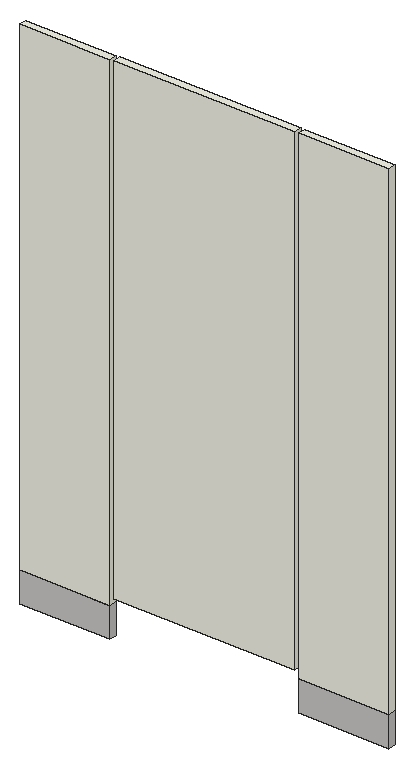
Revit family
Parameters (values of type "B-2081")
  URL = "http://www.bobrick.com"
  Partition Material = Laminated Plastic - Bobrick - Designer White
  Panel Value = if(DoorPanel Width < 1", 1", if(DoorPanel Width > 84", 84", DoorPanel Width))  # 24"
  Model = "B2081 DuraLineSeries Floor-Anchored"
  Manufacturer = "Bobrick Washroom Equipment, Inc."
  Inswing Value = if(DoorPanel Width < 22", 22", if(DoorPanel Width > 37", 37", DoorPanel Width))  # 24"
  DoorPanel Width = 24"
  Right Stile Width = 12"
  Right Stile Visible = yes
  Right Stile Value = if(Right Stile Width < 3", 3", if(Right Stile Width > 24", 24", Right Stile Width))  # 12"
  Panel = not(Door Panel)  # no
  Outswing Value = if(DoorPanel Width < 25", 25", if(DoorPanel Width > 37", 37", DoorPanel Width))  # 25"
  Outswing = and(not(Inswing Visibility), Door Panel)  # no
  Left Stile Width = 12"
  Left Stile Visible = yes
  Left Stile Value = if(Left Stile Width < 3", 3", if(Left Stile Width > 24", 24", Left Stile Width))  # 12"
  Inswing Visibility = and(Inswing, Door Panel)  # yes
  Inswing = yes
  Width Value = if(Inswing Visibility, Inswing Value, if(Outswing, Outswing Value, if(Panel, Panel Value, 36")))  # 24"
  Door Panel = yes
  Description = "Maximum Height Water and Fire-Resistant Partitions and Screens"
  Assembly Code = "C1030200"
  ADA Compliant = yes
Reference planes (in)
  plane 1 "Center (Front/Back)": y = 0
  plane 2: z = 0
  plane 3 "Center (Left/Right)": x = 0
  plane 4: x = -24.5
  plane 5: x = 24.5
  plane 6: y = 0.5
  plane 7: y = -0.5
  plane 8: x = -12.5
  plane 9: x = 12.5
  plane 10: x = -12
  plane 11: x = 12
  plane 12: z = 4
  plane 13: z = 4.9375
  plane 14: z = 69
  plane 15: z = 36.96875
  plane 16: y = 24.5
  plane 17: x = 11
Forms (in)
  Extrusion 1, solid, material "Laminated Plastic - Bobrick - Designer White" <- "Partition Material", visible <- "Left Stile Visible"
    sketch origin (0, 0, 0) x (1, 0, 0) y (0, 1, 0)
      loop
        line (-24.5, 0.5) -> (-24.5, -0.5) -> (-12.5, -0.5) -> (-12.5, 0.5) -> (-24.5, 0.5)
    from 4 to 69
  Extrusion 2, solid, material "Stainless Steel - Bobrick - Satin", visible <- "Left Stile Visible"
    sketch origin (0, 0, 0) x (1, 0, 0) y (0, 1, 0)
      loop
        line (-24.5, 0.5) -> (-24.5, -0.5) -> (-12.5, -0.5) -> (-12.5, 0.5) -> (-24.5, 0.5)
    from 0 to 4
  Extrusion 3, solid, material "Laminated Plastic - Bobrick - Designer White" <- "Partition Material"
    sketch origin (0, 0, 0) x (1, 0, 0) y (0, 1, 0)
      loop
        line (-12, 0.5) -> (-12, -0.5) -> (12, -0.5) -> (12, 0.5) -> (-12, 0.5)
    from 4.9375 to 69
  Extrusion 4, solid, material "Laminated Plastic - Bobrick - Designer White" <- "Partition Material", visible <- "Right Stile Visible"
    sketch origin (0, 0, 0) x (-1, 0, 0) y (0, -1, 0)
      loop
        line (-24.5, -0.5) -> (-12.5, -0.5) -> (-12.5, 0.5) -> (-24.5, 0.5) -> (-24.5, -0.5)
    from 4 to 69
  Extrusion 5, solid, material "Stainless Steel - Bobrick - Satin", visible <- "Right Stile Visible"
    sketch origin (0, 0, 0) x (-1, 0, 0) y (0, -1, 0)
      loop
        line (-24.5, -0.5) -> (-12.5, -0.5) -> (-12.5, 0.5) -> (-24.5, 0.5) -> (-24.5, -0.5)
    from 0 to 4
Lines and regions (in)
  Masking region 1, visible <- "Left Stile Visible"
    outline origin (0, 0, 0) x (1, 0, 0) y (0, 0, 1)
      loop
        line (-24.5, 69) -> (-24.5, 0) -> (-12.5, 0) -> (-12.5, 69) -> (-24.5, 69)
  Masking region 2
    outline origin (0, 0, 0) x (1, 0, 0) y (0, 0, 1)
      loop
        line (-12, 69) -> (-12, 4.9375) -> (12, 4.9375) -> (12, 69) -> (-12, 69)
  Masking region 3, visible <- "Right Stile Visible"
    outline origin (0, 0, 0) x (1, 0, 0) y (0, 0, 1)
      loop
        line (12.5, 69) -> (12.5, 0) -> (24.5, 0) -> (24.5, 69) -> (12.5, 69)
  Masking region 4, visible <- "Door Panel"
    outline origin (0, 0, 0) x (1, 0, 0) y (0, 1, 0)
      loop
        line (11, 24.5) -> (11, 0.5) -> (12, 0.5) -> (12, 24.5) -> (11, 24.5)
  Masking region 5, visible <- "Left Stile Visible"
    outline origin (0, 0, 0) x (1, 0, 0) y (0, 1, 0)
      loop
        line (-24.5, 0.5) -> (-24.5, -0.5) -> (-12.5, -0.5) -> (-12.5, 0.5) -> (-24.5, 0.5)
  Masking region 6, visible <- "Right Stile Visible"
    outline origin (0, 0, 0) x (1, 0, 0) y (0, 1, 0)
      loop
        line (12.5, 0.5) -> (12.5, -0.5) -> (24.5, -0.5) -> (24.5, 0.5) -> (12.5, 0.5)
  Masking region 7, visible <- "Panel"
    outline origin (0, 0, 0) x (1, 0, 0) y (0, 1, 0)
      loop
        line (-12, -0.5) -> (12, -0.5) -> (12, 0.5) -> (-12, 0.5) -> (-12, -0.5)
  Masking region 8
    outline origin (0, 0, 0) x (0, 1, 0) y (0, 0, 1)
      loop
        line (0.5, 69) -> (-0.5, 69) -> (-0.5, 0) -> (0.5, 0) -> (0.5, 69)
  symbolic lines, visible <- "Left Stile Visible"
    curve 1: line (-24.5, 0, 4) -> (-12.5, 0, 4)
  symbolic lines, visible <- "Right Stile Visible"
    curve 2: line (12.5, 0, 4) -> (24.5, 0, 4)
  symbolic lines, style "Partition Elevation Swing", visible <- "Door Panel"
    curve 3: line (-12, 0, 69) -> (12, 0, 36.86666)
    curve 4: line (12, 0, 36.86666) -> (-12, 0, 4.9375)
    curve 5: arc (-12, 0.5, 0) -> (-4.97056, 17.47056, 0) -> (12, 24.5, 0) r 24
  symbolic lines, style "Partition"
    curve 6: line (0, 0.5, 4) -> (0, -0.5, 4)
Dimensions and locks (in)
  equal spacing: host sketch curve, plane 1 "Center (Front/Back)", host sketch curve
  equal spacing: host sketch curve, plane 3 "Center (Left/Right)", host sketch curve
  host sketch curve to host sketch curve = 120"  (x2)
  locked: plane 8 to plane 10 at 0.5
  locked: plane 11 to plane 9 at 0.5
  "Width Value": plane 10 to plane 11
  equal spacing: plane 10, plane 3 "Center (Left/Right)", plane 11
  "Left Stile Value": plane 4 to plane 8
  "Right Stile Value": plane 9 to plane 5
  locked: plane 12 to level at 4
  locked: plane 13 to level at 4.9375
  locked: plane 14 to level at 69
  locked: plane 6 to plane 7 at 1
  equal spacing: plane 6, plane 1 "Center (Front/Back)", plane 7
  equal spacing: plane 14, plane 15, plane 13
  "Width Value": plane 16 to plane 6
  locked: plane 17 to plane 11 at 1
  aligned and locked: level to plane 2
  aligned and locked: Extrusion 1 sketch curve to plane 6
  aligned and locked: plane 4 to Extrusion 1 sketch curve
  aligned and locked: plane 7 to Extrusion 1 sketch curve
  aligned and locked: Extrusion 1 sketch curve to plane 8
  aligned: Extrusion 1 to level
  aligned and locked: plane 14 to Extrusion 1
  aligned and locked: Extrusion 1 to plane 12
  aligned and locked: plane 4 to Extrusion 2 sketch curve
  aligned and locked: Extrusion 2 sketch curve to plane 6
  aligned and locked: Extrusion 2 sketch curve to plane 8
  aligned and locked: plane 7 to Extrusion 2 sketch curve
  aligned and locked: plane 12 to Extrusion 2
  aligned and locked: Extrusion 2 to level
  aligned and locked: plane 10 to Extrusion 3 sketch curve
  aligned and locked: Extrusion 3 sketch curve to plane 6
  aligned and locked: plane 7 to Extrusion 3 sketch curve
  aligned and locked: Extrusion 3 sketch curve to plane 11
  aligned and locked: plane 14 to Extrusion 3
  aligned and locked: Extrusion 3 to plane 13
  aligned and locked: Extrusion 5 sketch curve to plane 9
  aligned and locked: plane 6 to Extrusion 5 sketch curve
  aligned and locked: plane 5 to Extrusion 5 sketch curve
  aligned and locked: Extrusion 5 sketch curve to plane 7
  aligned and locked: Extrusion 4 sketch curve to plane 9
  aligned and locked: plane 6 to Extrusion 4 sketch curve
  aligned and locked: Extrusion 4 sketch curve to plane 7
  aligned and locked: plane 5 to Extrusion 4 sketch curve
  aligned and locked: plane 14 to Extrusion 4
  aligned and locked: Masking region 1 sketch curve to plane 14
  aligned and locked: Masking region 1 sketch curve to plane 4
  aligned and locked: Masking region 1 sketch curve to level
  aligned and locked: Masking region 1 sketch curve to plane 8
  aligned and locked: Masking region 2 sketch curve to plane 14
  aligned and locked: Masking region 2 sketch curve to plane 10
  aligned and locked: Masking region 2 sketch curve to plane 11
  aligned and locked: Masking region 2 sketch curve to plane 13
  aligned and locked: Masking region 3 sketch curve to plane 14
  aligned and locked: Masking region 3 sketch curve to plane 9
  aligned and locked: Masking region 3 sketch curve to plane 5
  aligned and locked: Masking region 3 sketch curve to level
  aligned and locked: curve 1 to plane 12
  aligned and locked: plane 4 to curve 1
  aligned and locked: plane 8 to curve 1
  aligned and locked: curve 2 to plane 12
  aligned and locked: plane 5 to curve 2
  aligned and locked: plane 9 to curve 2
  aligned and locked: plane 14 to curve 3
  aligned and locked: plane 10 to curve 3
  aligned and locked: plane 11 to curve 4
  aligned and locked: plane 10 to curve 4
  aligned and locked: plane 13 to curve 4
  aligned and locked: Masking region 4 sketch curve to plane 16
  aligned and locked: plane 17 to Masking region 4 sketch curve
  aligned and locked: plane 6 to Masking region 4 sketch curve
  aligned and locked: Masking region 4 sketch curve to plane 11
  aligned and locked: Masking region 5 sketch curve to plane 6
  aligned and locked: plane 4 to Masking region 5 sketch curve
  aligned and locked: plane 7 to Masking region 5 sketch curve
  aligned and locked: Masking region 5 sketch curve to plane 8
  aligned and locked: Masking region 6 sketch curve to plane 6
  aligned and locked: plane 9 to Masking region 6 sketch curve
  aligned and locked: plane 7 to Masking region 6 sketch curve
  aligned and locked: Masking region 6 sketch curve to plane 5
  aligned and locked: Masking region 4 to curve 5
  aligned and locked: plane 10 to curve 5
  aligned and locked: plane 6 to curve 5  (x2)
  aligned and locked: plane 11 to curve 5
  aligned and locked: Masking region 7 sketch curve to plane 7
  aligned and locked: Masking region 7 sketch curve to plane 10
  aligned and locked: plane 6 to Masking region 7 sketch curve
  aligned and locked: plane 11 to Masking region 7 sketch curve
  aligned and locked: level to Masking region 8 sketch curve
  aligned and locked: Masking region 8 sketch curve to plane 14
  aligned and locked: Masking region 8 sketch curve to plane 6
  aligned and locked: plane 7 to Masking region 8 sketch curve
  aligned and locked: plane 12 to curve 6
  aligned and locked: plane 7 to curve 6
  aligned and locked: plane 6 to curve 6
  aligned and locked: Extrusion 5 to level
  aligned and locked: Extrusion 4 to plane 12
  aligned and locked: plane 12 to Extrusion 5
Automatic sketch dimensions
  curve 4 to plane 15 = 0.10209"
